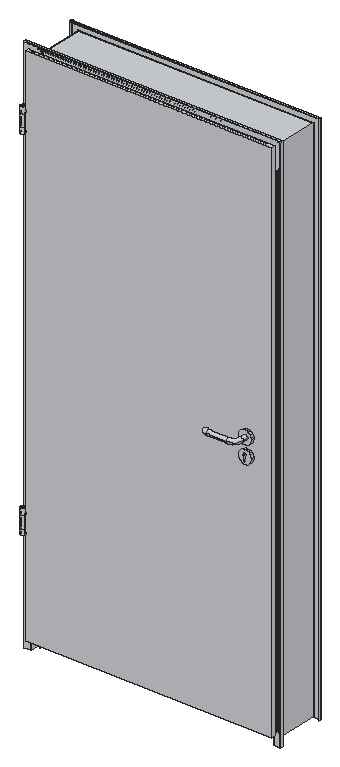
Revit family "BOS-Umfassungszarge-Uud-MW_Familie", category Türen, Revit 2017 (continued)
Definition of nested family "BOS-Band-VX_Modell"
  Automatic sketch dimensions
    Extrusion 10 sketch curve to Extrusion 10 sketch curve = 0 mm  (x6)
    Extrusion 10 sketch curve to curve 1 = 0 mm
    curve 1 to Extrusion 10 sketch curve = 0 mm
    Extrusion 10 sketch curve to curve 1 = 5.051 mm
    Extrusion 10 sketch curve to Extrusion 10 sketch curve = 4.091 mm
    Extrusion 10 sketch curve to curve 1 = 7.771 mm
    Extrusion 10 sketch curve to Extrusion 10 sketch curve = 2.203 mm
    Extrusion 10 sketch curve to Extrusion 10 sketch curve = 7.729 mm
    Extrusion 11 sketch curve to Extrusion 11 sketch curve = 0 mm  (x3)
    plane 1 to Extrusion 11 sketch curve = 0 mm
    Extrusion 11 sketch curve to plane 3 = 0 mm
    Extrusion 11 sketch curve to plane 1 = 1.171 mm
    Extrusion 11 sketch curve to Extrusion 11 sketch curve = 6.421 mm
    plane 1 to Extrusion 11 sketch curve = 7.193 mm
    Extrusion 11 sketch curve to Extrusion 11 sketch curve = 0.526 mm
    Extrusion 11 sketch curve to Extrusion 11 sketch curve = 0.553 mm
    Extrusion 11 sketch curve to plane 1 = 0.901 mm
    plane 1 to Extrusion 11 sketch curve = 10.603 mm
    Extrusion 11 sketch curve to Extrusion 11 sketch curve = 3.5 mm
    Extrusion 11 sketch curve to Extrusion 11 sketch curve = 0.158 mm
    Extrusion 11 sketch curve to Extrusion 11 sketch curve = 1.739 mm
    plane 1 to Extrusion 11 sketch curve = 4.695 mm
    Extrusion 12 sketch curve to Extrusion 12 sketch curve = 0 mm  (x6)
    curve 1 to Extrusion 12 sketch curve = 0 mm  (x2)
    curve 1 to Extrusion 12 sketch curve = 46.34 mm
    Extrusion 12 sketch curve to Extrusion 12 sketch curve = 3.031 mm  (x2)
    Extrusion 12 sketch curve to Extrusion 12 sketch curve = 5.75 mm
    Extrusion 12 sketch curve to Extrusion 12 sketch curve = 1.346 mm
    Extrusion 12 sketch curve to Extrusion 12 sketch curve = 0.548 mm
    Extrusion 12 sketch curve to Extrusion 12 sketch curve = 1.017 mm
    Extrusion 12 sketch curve to Extrusion 12 sketch curve = 3.25 mm
    Extrusion 12 sketch curve to Extrusion 12 sketch curve = 1.75 mm
    Extrusion 13 sketch curve to Extrusion 13 sketch curve = 0 mm  (x6)
    curve 1 to Extrusion 13 sketch curve = 0 mm  (x2)
    curve 1 to Extrusion 13 sketch curve = 46.34 mm
    Extrusion 13 sketch curve to Extrusion 13 sketch curve = 3.031 mm  (x2)
    Extrusion 13 sketch curve to Extrusion 13 sketch curve = 5.75 mm
    Extrusion 13 sketch curve to Extrusion 13 sketch curve = 1.346 mm
    Extrusion 13 sketch curve to Extrusion 13 sketch curve = 0.548 mm
    Extrusion 13 sketch curve to Extrusion 13 sketch curve = 1.017 mm
    Extrusion 13 sketch curve to Extrusion 13 sketch curve = 3.25 mm
    Extrusion 13 sketch curve to Extrusion 13 sketch curve = 1.75 mm
    radius of Sweep 1 sketch curve = 6.5 mm
Definition of nested family "BOS-BOS_Modell"
  Parameters (values of type "BOS-BOS_Modell")
    Abstand = 22 mm
  Reference planes
    plane 1 "Mitte (Vorne/hinten)": y = 0
    plane 2: z = 0
    plane 3 "Mitte (Links/rechts)": x = 0
    plane 4 "BOS": x = -22
  Dimensions and locks
    "Abstand": plane 4 "BOS" to plane 3 "Mitte (Links/rechts)"
    aligned and locked: level to plane 2
    aligned and locked: plane 1 "Mitte (Vorne/hinten)" to text3d elem
    aligned and locked: text3d elem to level
Definition of nested family "BOS-Info-Texte_Beschriftung"
  Parameters (values of type "Drehpunkt Warnung")
    Unten = no
    Schwarz = yes
    Rot = no
    Oben = yes
    Info-Text En unten = "Kein Text"
    Info-Text De unten = "Kein Text"
    Info-Text En oben = "Die Lage des Drehpunktes des Türblattes ist ungenau!\r\nBitte mit dem Bandhersteller abstimmen."
    Englisch unten rot = and(and(Unten, Englisch), Rot)  # no
    Englisch unten schwarz = and(and(Unten, Englisch), Schwarz)  # no
    Englisch oben rot = and(and(Oben, Englisch), Rot)  # no
    Englisch oben schwarz = and(and(Oben, Englisch), Schwarz)  # no
    Info-Text De oben = "Der tatsächliche Drehpunkt des Türblattes\r\nkann von der Darstellung abweichen!"
    Warndreieck = no
    Fehlerkreis = no
    Englisch = no
    Deutsch unten rot = and(and(Unten, Deutsch), Rot)  # no
    Deutsch unten schwarz = and(and(Unten, Deutsch), Schwarz)  # no
    Deutsch oben rot = and(and(Oben, Deutsch), Rot)  # no
    Deutsch oben schwarz = and(and(Oben, Deutsch), Schwarz)  # yes
    Deutsch = not(Englisch)  # yes
    Ausrufezeichen = "!"
  Types (12, lengths in mm): name | Unten | Schwarz | Rot | Oben | Info-Text En unten | Info-Text De unten | Info-Text En oben | Info-Text De oben | Warndreieck | Fehlerkreis | Deutsch unten schwarz | Deutsch oben rot | Deutsch oben schwarz
    Rechtliche Hinweise | no | yes | no | yes | "Kein Text" | "Kein Text" | "In accordance with the protection note according to DIN 34, the ownership and copyrights are reserved!\r\n© 2016 BOS GmbH, Emsdetten, Germany -\r\nObserve the ISO 16016 protective label (see ID data)!\r\n\r\nSubject to technical change!" | "Entsprechend dem Schutzvermerk nach DIN 34 behalten wir uns Eigentum und Urheberrecht vor!\r\n© 2016 BOS GmbH, Emsdetten, Deutschland -\r\nSchutzvermerk ISO 16016 beachten (siehe ID-Daten)!\r\n\r\nTechnische Änderungen vorbehalten!" | no | no | no | no | yes
    Maulweite Fehlermeldung | no | yes | no | yes | "Kein Text" | "Kein Text" | "Check the wall thickness!" | "Wandstärke prüfen!" | no | yes | no | no | yes
    Verstellbereich | no | yes | no | yes | "Kein Text" | "Kein Text" | "Adjustment area from -5 to +15mm,\r\nother adjustment areas possible" | "Verstellbereich von -5 bis +15mm\r\nanderer Verstellbereich möglich" | no | no | no | no | yes
    Verstellbereich wSvdW | no | yes | no | yes | "Kein Text" | "Kein Text" | "Adjustment area in the soffit from -2 to +15mm,\r\nother adjustment areas possible" | "Verstellbereich in der Zargenleibung von -2 bis +15mm\r\nanderer Verstellbereich möglich" | no | no | no | no | yes
    Wandartauswahl 15Nz15Z | no | yes | no | yes | "Kein Text" | "Kein Text" | "Attention for stud walls: underlay from site required!\r\nFor DIN door leaves, select larger structural wall measurements.\r\nFor selection \"stud walls\":\r\nsee 'Features' (remove tick for brick walls)" | "Achtung bei Ständerwerk: bauseitige Unterfütterung erforderlich!\r\nBei DIN-Türblatt Rohbaumaße größer wählen.\r\nFür Auswahl \"Ständerwerk\": \r\nsiehe 'Eigenschaften' (Häkchen entfernen bei Mauerwerk)." | no | no | no | no | yes
    Technische Hinweise | no | yes | no | yes | "Kein Text" | "Kein Text" | "Due to manufacturing reasons this Revit family may not be changed\r\nwithout consulting BOS!\r\n\r\nDo not mirror frames (door list)!\r\nsee ‘Features’: DIN left / DIN right\r\n\r\nThe solid and stud walls or, for example, their profiles,\r\nmust be designed so that they can reliably and sustainably\r\nabsorb the static and dynamic forces resulting\r\nfrom the load on the door element used." | "Diese Revit-Familie darf aus fertigungstechnischen Gründen\r\nnicht ohne Rücksprache mit BOS abgeändert werden!\r\n\r\nZargen nicht spiegeln (Türliste)!\r\nsiehe 'Eigenschaften': DIN links / DIN rechts\r\n\r\nDie Massiv- und Ständerwerkswände bzw. deren Profile\r\nmüssen so ausgebildet sein, dass sie die statischen\r\nund dynamischen Kräfte, welche sich aus der Belastung\r\nder verwendeten Türelements ergeben, zuverlässig\r\nund nachhaltig aufnehmen können." | no | no | no | no | yes
    Drückerhöhe Warnung | yes | yes | no | no | "Please take the handle depth/height and/or DIN opening direction into account" | "Drückertiefen/-höhen und/oder DIN Richtungen beachten/anpassen!" | "Kein Text" | "Kein Text" | yes | no | yes | no | no
    Maulweite-Dehnungsfuge Fehlermeldung | no | yes | no | yes | "Kein Text" | "Kein Text" | "Check the wall thickness and/or expansion joint!" | "Wandstärke und/oder Dehnungsfuge prüfen!" | no | yes | no | no | yes
    Technische Hinweise Norm | no | yes | no | yes | "Kein Text" | "Kein Text" | "Due to manufacturing reasons this Revit family may not be changed\r\nwithout consulting BOS!\r\n\r\nThe solid and stud walls or, for example, their profiles,\r\nmust be designed so that they can reliably and sustainably\r\nabsorb the static and dynamic forces resulting\r\nfrom the load on the door element used." | "Diese Revit-Familie darf aus fertigungstechnischen Gründen\r\nnicht ohne Rücksprache mit BOS abgeändert werden!\r\n\r\nDie Massiv- und Ständerwerkswände bzw. deren Profile\r\nmüssen so ausgebildet sein, dass sie die statischen\r\nund dynamischen Kräfte, welche sich aus der Belastung\r\nder verwendeten Türelements ergeben, zuverlässig\r\nund nachhaltig aufnehmen können." | no | no | no | no | yes
    Maßauswahl | no | no | yes | yes | "Kein Text" | "Kein Text" | "To choose  Rebate Width/Height Measurement, Receiving Opening\r\nsee 'Features'" | "Auswahl von FMB, FMH, MW\r\nunter 'Eigenschaften'" | no | no | no | yes | no
    Rohbaumaß Warnung | no | yes | no | yes | "Kein Text" | "Kein Text" | "For DIN door leaves, select larger structural wall measurements!\r\nWhen changing the architrave widths, the structural measurements change accordingly." | "Bei DIN-Türblatt Rohbaumaße größer wählen!\r\nBei Änderung der Spiegelbreiten, Rohbaumaße beachten." | no | no | no | no | yes
    Drehpunkt Warnung | no | yes | no | yes | "Kein Text" | "Kein Text" | "Die Lage des Drehpunktes des Türblattes ist ungenau!\r\nBitte mit dem Bandhersteller abstimmen." | "Der tatsächliche Drehpunkt des Türblattes\r\nkann von der Darstellung abweichen!" | no | no | no | no | yes
  Reference planes
    plane 1: y = 0.955
    plane 2: x = 0
  Lines and regions (mm)
    Filled region 1, type "Gefüllter Bereich Gelb", visible <- "Warndreieck"
      outline origin (-7.188, 1.747, 0) x (1, 0, 0) y (0, 1, 0)
        loop
          line (5.951, -3.033) -> (8.413, -3.033) -> (7.182, -0.9) -> (5.951, -3.033)
    Filled region 2, type "Gefüllter Bereich Rot", visible <- "Fehlerkreis"
      outline origin (0, -3.763, 0) x (1, 0, 0) y (0, 1, 0)
        loop
          circle (0, 3.1) r 1.5
        loop
          line (-0.937, 3.486) -> (-0.937, 2.686) -> (1.023, 2.686) -> (1.023, 3.486) -> (-0.937, 3.486)
    Filled region 3, type "Gefüllter Bereich Weiss", visible <- "Fehlerkreis"
      outline origin (-7.014, -2.062, 0) x (1, 0, 0) y (0, 1, 0)
        loop
          line (6.077, 1.785) -> (6.077, 0.985) -> (8.038, 0.985) -> (8.038, 1.785) -> (6.077, 1.785)
  Text (mm)
    label "Info-Text De oben schwarz" at (0.065, 1.415, 0), shows "Info-Text De oben", visible <- "Deutsch oben schwarz"
    label "!" at (0.065, -0.414, 0), shows "Ausrufezeichen", visible <- "Warndreieck"
    label "Info-Text En oben schwarz" at (0.065, 1.415, 0), shows "Info-Text En oben", visible <- "Englisch oben schwarz"
    label "Info-Text De unten schwarz" at (0.218, -2.468, 0), shows "Info-Text De unten", visible <- "Deutsch unten schwarz"
    label "Info-Text En unten schwarz" at (0.065, -2.419, 0), shows "Info-Text En unten", visible <- "Englisch unten schwarz"
    label "Info-Text En oben rot" at (0.065, 1.415, 0), shows "Info-Text En oben", visible <- "Englisch oben rot"
    label "Info-Text En unten rot" at (0.065, -2.419, 0), shows "Info-Text En unten", visible <- "Englisch unten rot"
    label "Info-Text De unten rot" at (0.065, -2.419, 0), shows "Info-Text De unten", visible <- "Deutsch unten rot"
    label "Info-Text De oben rot" at (-0.371, 1.396, 0), shows "Info-Text De oben", visible <- "Deutsch oben rot"
Definition of nested family "BOS-loser-Nagelanker_Detail"
  Parameters (values of type "BOS-loser-Nagelanker_Detail")
    Wand sichtbar = yes
    URL = "www.BestOfSteel.de"
    Spiegel vorne = 30 mm
    Spiegel innen = 15 mm
    Spiegel hinten = 30 mm
    Rechtliche Hinweise = "www.BestOfSteel.de/tools-downloads/bim-building-information-modeling/"
    Technische Infos rund um die Stahlzarge = "www.BestOfSteel.de/tools-downloads/technische-infos-rund-um-die-stahlzarge/"
    MW Maulweite = 200 mm
    Manufacturer = "BOS GmbH Best Of Steel, Lütkenfelde 4, D-48282 Emsdetten"
    Falzaufschlag gesamt = 15 mm
    Einfügepunkt = 22 mm
    Blechstärke = 1.5 mm
    Description = "loser Nagelanker"
    Keynote = "BOS Detail"
    BOS-Architekten-Beratung = "Tel.: +49 (0) 2572 203-203; E-Mail: architekten@BestOfSteel.de"
  Reference planes
    plane 1: z = 0
    plane 2: y = 150
    plane 3: x = -15
    plane 4: y = -35
    plane 5: y = 135
    plane 6: y = -50
    plane 7: x = 35.5
    plane 8: x = 5.5
    plane 9: x = -135
    plane 10: x = 7
    plane 11: x = 37
    plane 12: x = -10
    plane 13: x = -23
    plane 14: x = -21.5
    plane 15: x = 7
    plane 16: x = 8.5
    plane 17: y = 50
    plane 18: x = 22
  Lines and regions (mm)
    detail lines, in view "Ref.-Ebene", visible <- "Wand sichtbar"
      curve 1: line (-135, 135, 0) -> (-10, 135, 0)
      curve 2: line (-10, 135, 0) -> (-10, -35, 0)
      curve 3: line (-10, -35, 0) -> (-135, -35, 0)
      curve 21: line (-15, 135, 0) -> (-15, -35, 0)
    detail lines, in view "Ref.-Ebene"
      curve 4: arc (-34.337, -35, 0) -> (-33.363, -35.12, 0) -> (-32.448, -35.474, 0) r 4
      curve 5: arc (-19.082, -45.443, 0) -> (-20.049, -45.337, 0) -> (-20.971, -45.026, 0) r 4.486
      curve 6: arc (0.529, -42.5, 0) -> (5.437, -46.685, 0) -> (2.08, -52.192, 0) r 4.97
      curve 7: arc (0.529, -45.443, 0) -> (2.515, -47.062, 0) -> (1.329, -49.333, 0) r 2.027
      curve 8: arc (-7.45, -53.348, 0) -> (-5.088, -51.387, 0) -> (-2.253, -50.207, 0) r 10.319
      curve 9: line (-19.333, -42.5, 0) -> (-32.448, -35.474, 0)
      curve 10: line (-20.971, -45.026, 0) -> (-34.086, -38, 0)
      curve 11: line (-34.086, -38, 0) -> (-99.366, -38, 0)
      curve 12: line (2.08, -52.192, 0) -> (-21.179, -58.162, 0)
      curve 13: line (-21.49, -56.951, 0) -> (-7.45, -53.348, 0)
      curve 14: line (-2.253, -50.207, 0) -> (1.329, -49.333, 0)
      curve 15: line (0.529, -42.5, 0) -> (-19.333, -42.5, 0)
      curve 16: line (0.529, -45.443, 0) -> (-19.082, -45.443, 0)
      curve 17: line (-34.337, -35, 0) -> (-119.5, -35, 0)
      curve 18: arc (-104.855, -36.25, 0) -> (-102.239, -37.529, 0) -> (-99.366, -38, 0) r 9.994
      curve 19: line (-119.5, -35, 0) -> (-119.5, -36.25, 0)
      curve 20: line (-119.5, -36.25, 0) -> (-104.855, -36.25, 0)
      curve 39: arc (-4.337, 135, 0) -> (-3.363, 135.12, 0) -> (-2.448, 135.474, 0) r 4
      curve 40: arc (10.918, 145.443, 0) -> (9.951, 145.337, 0) -> (9.029, 145.026, 0) r 4.486
      curve 41: arc (30.529, 142.5, 0) -> (35.437, 146.685, 0) -> (32.08, 152.192, 0) r 4.97
      curve 42: arc (30.529, 145.443, 0) -> (32.515, 147.062, 0) -> (31.329, 149.333, 0) r 2.027
      curve 43: arc (22.55, 153.348, 0) -> (24.912, 151.387, 0) -> (27.747, 150.207, 0) r 10.319
      curve 44: line (10.667, 142.5, 0) -> (-2.448, 135.474, 0)
      curve 45: line (9.029, 145.026, 0) -> (-4.086, 138, 0)
      curve 46: line (-4.086, 138, 0) -> (-69.366, 138, 0)
      curve 47: line (32.08, 152.192, 0) -> (8.821, 158.162, 0)
      curve 48: line (8.51, 156.951, 0) -> (22.55, 153.348, 0)
      curve 49: line (27.747, 150.207, 0) -> (31.329, 149.333, 0)
      curve 50: line (30.529, 142.5, 0) -> (10.667, 142.5, 0)
      curve 51: line (30.529, 145.443, 0) -> (10.918, 145.443, 0)
      curve 52: line (-4.337, 135, 0) -> (-89.5, 135, 0)
      curve 53: arc (-74.855, 136.25, 0) -> (-72.239, 137.529, 0) -> (-69.366, 138, 0) r 9.994
      curve 54: line (-89.5, 135, 0) -> (-89.5, 136.25, 0)
      curve 55: line (-89.5, 136.25, 0) -> (-74.855, 136.25, 0)
      curve 59: line (8.51, 156.951, 0) -> (8.821, 158.162, 0)
      curve 60: line (-21.49, -56.951, 0) -> (-21.179, -58.162, 0)
    detail lines, in view "Ref.-Ebene", not visible
      curve 22: arc (-156.874, -155.441, 0) -> (-155.9, -155.562, 0) -> (-154.985, -155.915, 0) r 4
      curve 23: arc (-141.619, -165.884, 0) -> (-142.586, -165.779, 0) -> (-143.507, -165.467, 0) r 4.486
      curve 24: arc (-122.007, -162.941, 0) -> (-117.1, -167.126, 0) -> (-120.456, -172.633, 0) r 4.97
      curve 25: arc (-122.007, -165.884, 0) -> (-120.022, -167.503, 0) -> (-121.207, -169.774, 0) r 2.027
      curve 26: arc (-129.986, -173.789, 0) -> (-127.624, -171.828, 0) -> (-124.79, -170.648, 0) r 10.319
      curve 27: line (-141.87, -162.941, 0) -> (-154.985, -155.915, 0)
      curve 28: line (-143.507, -165.467, 0) -> (-156.623, -158.441, 0)
      curve 29: line (-156.623, -158.441, 0) -> (-221.903, -158.441, 0)
      curve 30: line (-120.456, -172.633, 0) -> (-143.716, -178.603, 0)
      curve 31: line (-144.026, -177.393, 0) -> (-129.986, -173.789, 0)
      curve 32: line (-124.79, -170.648, 0) -> (-121.207, -169.774, 0)
      curve 33: line (-122.007, -162.941, 0) -> (-141.87, -162.941, 0)
      curve 34: line (-122.007, -165.884, 0) -> (-141.619, -165.884, 0)
      curve 35: line (-156.874, -155.441, 0) -> (-242.036, -155.441, 0)
      curve 36: arc (-227.391, -156.691, 0) -> (-224.776, -157.97, 0) -> (-221.903, -158.441, 0) r 9.994
      curve 37: line (-242.036, -155.441, 0) -> (-242.036, -156.691, 0)
      curve 38: line (-242.036, -156.691, 0) -> (-227.391, -156.691, 0)
      curve 61: line (-144.026, -177.393, 0) -> (-143.716, -178.603, 0)
    reference lines, in view "Ref.-Ebene"
      curve 56: line (7, 165.107, 0) -> (7, 127.938, 0)
      curve 57: line (-23, -65.107, 0) -> (-23, -27.938, 0)
    reference lines, in view "Ref.-Ebene", not visible
      curve 58: line (-145.536, -185.548, 0) -> (-145.536, -148.379, 0)
  Dimensions and locks
    plane 2 to plane 5 = 15 mm
    plane 6 to plane 4 = 15 mm
    "MW Maulweite": plane 6 to plane 2
    locked: plane 9 to plane 3 at 120
    "Blechstärke": plane 8 to plane 10
    "Einfügepunkt": plane 3 to plane 10
    "Blechstärke": plane 7 to plane 11
    "Blechstärke": plane 13 to plane 14
    "Spiegel vorne": plane 13 to plane 10
    plane 3 to plane 12 = 5 mm
    "Blechstärke": plane 15 to plane 16
    "Spiegel hinten": plane 15 to plane 11
    equal spacing: plane 2, plane 17, plane 6
    "Falzaufschlag gesamt": plane 18 to plane 11
    "Spiegel innen": plane 10 to plane 18
    aligned and locked: plane 15 to curve 56
    aligned and locked: curve 52 to plane 5
    aligned and locked: plane 13 to curve 57
    aligned and locked: plane 4 to curve 17
  Automatic sketch dimensions
    curve 56 to curve 56 = 37.169 mm
    curve 57 to curve 57 = 37.169 mm
    curve 58 to curve 58 = 37.169 mm
    curve 54 to curve 55 = 14.645 mm
    curve 55 to curve 46 = 5.489 mm
    curve 46 to curve 53 = 0.163 mm
    curve 46 to curve 39 = 65.029 mm
    curve 39 to curve 46 = 0.251 mm
    curve 39 to curve 44 = 1.889 mm
    curve 45 to curve 50 = 1.638 mm
    curve 44 to curve 40 = 0.251 mm
    curve 49 to curve 43 = 2.503 mm
    curve 43 to curve 42 = 2.782 mm
    curve 41 to curve 49 = 0.8 mm
    curve 49 to curve 47 = 0.751 mm
    curve 53 to curve 52 = 6.993 mm
    curve 39 to curve 44 = 0.474 mm
    curve 52 to curve 55 = 1.25 mm
    curve 44 to curve 40 = 5.482 mm
    curve 40 to curve 50 = 1.544 mm
    curve 44 to curve 45 = 2.526 mm
    curve 51 to curve 41 = 2.027 mm
    curve 49 to curve 49 = 0.874 mm
    curve 49 to curve 48 = 3.141 mm
    curve 41 to curve 42 = 0 mm  (x4)
    curve 40 to curve 48 = 11.509 mm
    curve 48 to curve 47 = 1.211 mm
    curve 39 to curve 48 = 12.847 mm
    curve 48 to curve 59 = 0.311 mm
    curve 48 to curve 45 = 0.519 mm
    curve 19 to curve 20 = 14.645 mm
    curve 20 to curve 11 = 5.489 mm
    curve 11 to curve 18 = 0.163 mm
    curve 11 to curve 4 = 65.029 mm
    curve 4 to curve 11 = 0.251 mm
    curve 4 to curve 9 = 1.889 mm
    curve 10 to curve 15 = 1.638 mm
    curve 9 to curve 5 = 0.251 mm
    curve 14 to curve 8 = 2.503 mm
    curve 8 to curve 7 = 2.782 mm
    curve 6 to curve 14 = 0.8 mm
    curve 14 to curve 12 = 0.751 mm
    curve 17 to curve 18 = 6.993 mm
    curve 9 to curve 4 = 0.474 mm
    curve 20 to curve 17 = 1.25 mm
    curve 5 to curve 9 = 5.482 mm
    curve 15 to curve 5 = 1.544 mm
    curve 10 to curve 9 = 2.526 mm
    curve 6 to curve 16 = 2.027 mm
    curve 14 to curve 14 = 0.874 mm
    curve 13 to curve 14 = 3.141 mm
    curve 6 to curve 7 = 0 mm  (x4)
    curve 13 to curve 5 = 11.509 mm
    curve 12 to curve 13 = 1.211 mm
    curve 4 to curve 13 = 12.847 mm
    curve 13 to curve 60 = 0.311 mm
    curve 13 to curve 10 = 0.519 mm
    curve 37 to curve 38 = 14.645 mm
    curve 38 to curve 29 = 5.489 mm
    curve 29 to curve 36 = 0.163 mm
    curve 29 to curve 22 = 65.029 mm
    curve 22 to curve 29 = 0.251 mm
    curve 22 to curve 27 = 1.889 mm
    curve 28 to curve 33 = 1.638 mm
    curve 27 to curve 23 = 0.251 mm
    curve 32 to curve 26 = 2.503 mm
    curve 26 to curve 25 = 2.782 mm
    curve 24 to curve 32 = 0.8 mm
    curve 32 to curve 30 = 0.751 mm
    curve 35 to curve 36 = 6.993 mm
    curve 27 to curve 22 = 0.474 mm
    curve 38 to curve 35 = 1.25 mm
    curve 23 to curve 27 = 5.482 mm
    curve 33 to curve 23 = 1.544 mm
    curve 28 to curve 27 = 2.526 mm
    curve 24 to curve 34 = 2.027 mm
    curve 32 to curve 32 = 0.874 mm
    curve 31 to curve 32 = 3.141 mm
    curve 24 to curve 25 = 0 mm  (x4)
    curve 31 to curve 23 = 11.509 mm
    curve 30 to curve 31 = 1.211 mm
    curve 22 to curve 31 = 12.847 mm
    curve 31 to curve 61 = 0.311 mm
    curve 31 to curve 28 = 0.519 mm
    curve 3 to plane 4 = 0 mm
    curve 3 to plane 9 = 0 mm
    curve 1 to plane 9 = 0 mm
    curve 21 to plane 3 = 0 mm
    curve 2 to plane 12 = 0 mm
    plane 5 to curve 2 = 0 mm
Definition of nested family "BOS-Logo_Modell"
  Parameters (values of type "BOS-Logo_Modell")
    URL = "www.BestOfSteel.de"
    Rechtliche Hinweise = "www.BestOfSteel.de/tools-downloads/bim-building-information-modeling/"
    Description = "BOS Logo"
    Keynote = "BOS Logo"
    BOS-Architekten-Beratung = "Tel.: +49 (0) 2572 203-203; E-Mail: architekten@BestOfSteel.de"
    Technische Infos rund um die Stahlzarge = "www.BestOfSteel.de/tools-downloads/technische-infos-rund-um-die-stahlzarge/"
    Abstand vertikal = 10 mm
    Abstand horizontal = 15 mm
  Reference planes
    plane 1: y = 0
    plane 2: z = 0
    plane 3: x = 0
    plane 4: x = -7
    plane 5: x = 7
    plane 6: y = 8.299
    plane 7: x = 15
    plane 8: y = 4.15
    plane 9: x = -15
    plane 10: y = 14.15
    plane 11: y = -5.85
  Dimensions and locks
    plane 4 to plane 3 to plane 5 = 7 mm, 7 mm
    "Abstand vertikal": plane 11 to plane 8 to plane 10
    plane 6 to plane 8 to plane 1 = 4.15 mm, 4.15 mm
    "Abstand horizontal": plane 9 to plane 3
    "Abstand horizontal": plane 3 to plane 7
    aligned and locked: level to plane 2
Types (4, lengths in mm): name | Spiegel hinten max. | Türblattversatz vertikal | Türblattversatz  horizontal | Türblattabstand 1 | Stumpf | LDH Lichte Durchgangs Höhe   Clearance Height | LDB Lichte Durchgangs Breite   Clearance Width | Gefälzt | Türblattstärke 3 | Türblattstärke 2 | Türblattstärke 1 | Türblattstärke | Falztiefe gesamt | Falztiefe | Falzaufschlag gesamt | Doppelfalz | Einfachfalz | Dichtungsversatz vertikal 2 | Dichtungsversatz vertikal 1 | Dichtung 2 | Drehpunktposition vertikal | Drehpunktposition horizontal | Drehpunktabstand (FM) horizontal | Drehpunktabstand (SP) vertikal | Bänder - Auswahl | UsFd | UuFd | Modell | Uud | Usd | Beschreibung
  Uud | 30 | -3.5 | 11.5 | 1.5 | no | 2093 | 936 | yes | 0 | 25.5 | 14.5 | 40 | 28.5 | 28.5 | 15 | no | yes | 53.5 | 28.5 | no | 122.5 | 1509 | 21 | 12.5 | "3D Bänder gefälzt, Bandaufnahmen BVX11000" | no | no | "Uud" | yes | no | "Umfassungszarge für Mauerwerk, gefälzt"
  UuFd | 45 | -3.5 | 11.5 | 1.5 | no | 2078 | 906 | yes | 25 | 25.5 | 14.5 | 65 | 53.5 | 28.5 | 30 | yes | no | 53.5 | 28.5 | yes | 122.5 | 1509 | 21 | 12.5 | "3D Bänder gefälzt, Bandaufnahmen BVX11000" | no | yes | "UuFd" | no | no | "Umfassungszarge für Mauerwerk, gefälzt, mit Doppelfalz"
  Usd | 30 | 15.5 | 6 | -2 | yes | 2093 | 936 | no | 0 | 40 | 0 | 40 | 46.5 | 46.5 | 15 | no | yes | 71.5 | 46.5 | no | 123.5 | 1490.5 | 2.5 | 13.5 | "3D Bänder stumpf, Bandaufnahmen BVX11000" | no | no | "Usd" | no | yes | "Umfassungszarge für Mauerwerk, stumpf"
  UsFd | 45 | 15.5 | 6 | -2 | yes | 2078 | 906 | no | 25 | 40 | 0 | 65 | 71.5 | 46.5 | 30 | yes | no | 71.5 | 46.5 | yes | 123.5 | 1490.5 | 2.5 | 13.5 | "3D Bänder stumpf, Bandaufnahmen BVX11000" | yes | no | "UsFd" | no | no | "Umfassungszarge für Mauerwerk, stumpf, mit Doppelfalz"
